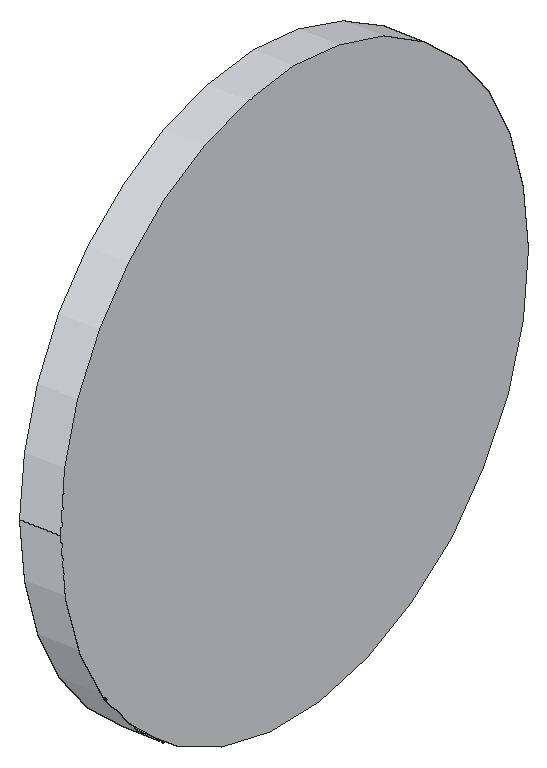
Revit family "604113c33961412284374795ac96e7b2", category Pipe Fittings, Revit 2021
Family settings
  Round Connector Dimension = Use Radius
  Part Type = Cap
  OmniClass Number = 23.60.30.11.14
  OmniClass Title = Pipework Fittings
  Seek Item ID = Flange - Threaded - GI - Class 250-0000-USA-ENU
  Work Plane-Based = No
  Always vertical = Yes
  Cut with Voids When Loaded = No
  Shared = No
Parameters (values of type "Standard")
  Tick Size [instance] = Flange Diameter * 0.4  # 3.6000"
  Nominal Radius [instance] = 2.0000"
  Nominal Diameter [instance] = Nominal Radius * 2  # 4.0000"
  Loss Method = Not Defined
  Lookup Table Name = "Flange - Blind - Stainless Steel - Class 150"
  Flange Thickness [instance] = size_lookup(Lookup Table Name, "FThk", 0.06 * Nominal Diameter + 0.3400", Nominal Diameter)  # 0.6250"
  Flange Radius [instance] = Flange Diameter / 2  # 4.5000"
  Flange Diameter [instance] = size_lookup(Lookup Table Name, "FDia", 1.15 * Nominal Diameter + 4.4800", Nominal Diameter)  # 9.0000"
  Default Elevation = 0.0000"
Reference planes (in)
  plane 1 "Center (Front/Back)": y = 0
  plane 2: z = 0
  plane 3 "Center (Left/Right)": x = 0
  plane 4: y = 3.6
  plane 5: y = -3.6
  plane 6: x = 0.625
Forms (in)
  Extrusion 1, solid, detail levels fine
    sketch origin (0, 0, 0) x (0, 1, 0) y (0, 0, 1)
      loop
        circle (0, 0) r 4.5
    from 0 to 0.625
Lines and regions (in)
  model lines, detail levels coarse+medium
    curve 1: line (0, 3.6, 0) -> (0, -3.6, 0)
Dimensions and locks (in)
  equal spacing: plane 4, plane 1 "Center (Front/Back)", plane 5
  "Tick Size": plane 4 to plane 1 "Center (Front/Back)"
  "Flange Thickness": plane 3 "Center (Left/Right)" to plane 6
  "Flange Radius": radius of Extrusion 1 sketch curve
  aligned and locked: plane 4 to curve 1
  aligned and locked: plane 5 to curve 1
  aligned and locked: plane 6 to Extrusion 1
  aligned and locked: Extrusion 1 to plane 3 "Center (Left/Right)"
  aligned and locked: curve 1 to plane 3 "Center (Left/Right)"
Automatic sketch dimensions
  Extrusion 1 sketch curve to level = 0.0000"
  Extrusion 1 sketch curve to plane 1 "Center (Front/Back)" = 0.0000"
Connectors (in)
  piping at (0, 0, 0), diameter 4, driven by "Nominal Radius"
    settings: on Extrusion 1, index 1, connector inside diameter 4.0000", connector length 0.0000", flow factor 0, pipe flow 0 GPM, pressure drop 0.00 psi, fitting loss kfactor 0, connector angle 0.00°, fixture units 0, engagement length 0.0000", angle of deflection 0.00°, flow configuration 0, flow direction 0, fitting loss method 0, system type 28, joint type 0, gender type 0, connector reference index -1, connector utility 0, adjustable connector no, is connector primary yes, connector description ""
